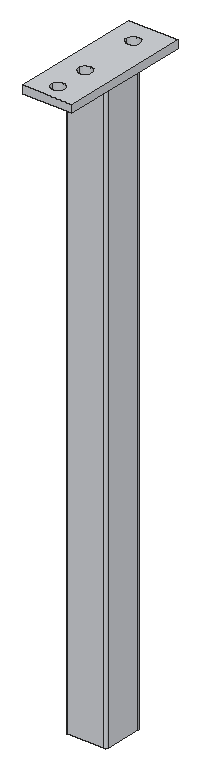
Revit family "MP524", category Generic Models, Revit 2017
Family settings
  Can host rebar = No
  Round Connector Dimension = Use Diameter
  Part Type = Normal
  Work Plane-Based = Yes
  Always vertical = No
  Cut with Voids When Loaded = No
  Shared = No
  Room Calculation Point = No
Parameters (values of type "NBS Standard Parameters")
  Weight = "2.03Kg"
  WarrantyStartDate [instance] = "1900-12-31T23:59:59"
  WarrantyGuarantorParts = "n/a"
  WarrantyGuarantorLabor = "n/a"
  WarrantyDurationUnit = "1 Year"
  WarrantyDurationParts = "n/a"
  WarrantyDurationLabor = "n/a"
  WarrantyDescription = "n/a"
  Version = "1"
  Uniclass2 = "Pr_65_70_11_65"
  TagNumber [instance] = "n/a"
  SustainabilityPerformance = "n/a"
  Size = "600"
  Shape = "n/a"
  SerialNumber [instance] = "n/a"
  Revision = "n/a"
  ReplacementCost = "n/a"
  ProductInformation = "www.metpro.co.uk/pdf/mp524.pdf"
  NominalWidth = 49.5 mm
  NominalLength = 600 mm
  NominalHeight = 130 mm
  Name = ""
  NBSTypeID = ""
  NBSReference = "90-55-10/305"
  NBSOfficeMasterTag = ""
  NBSNote = ""
  NBSDescription = "Channel Cable Supports"
  NBSCertification = ""
  ModelReference = "MP524"
  ModelNumber = "n/a"
  Material = "Steel"
  ManufacturerURL = "www.metpro.co.uk"
  ManufacturerName = "Metpro Ltd"
  Keynote = "Compliant to LU Standard 1-085"
  InstallationDate [instance] = "1900-12-31T23:59:59"
  IfcExportType = ""
  IfcExportAs = ""
  Grade = "n/a"
  Finish = "Hot Dipped Galvanised"
  Features = "n/a"
  ExpectedLife = "n/a"
  DurationUnit = "year"
  Description = "MP524  600mm Channel Cantilever Arm - 2 Hole Base Plate"
  Default Elevation = 1219.2 mm
  Constituents = "n/a"
  Color = "n/a"
  CodePerformance = "n/a"
  Category = "n/a"
  BarCode [instance] = "n/a"
  BIMObjectName = "metpro_metprolibrary_channelcablesupports_cantileverarm_2holeplate"
  Author = "Metpro Ltd"
  AssetType = ""
  AssetIdentifier [instance] = "n/a"
  AccessibilityPerformance = "n/a"
Reference planes
  plane 1 "Center (Front/Back)": y = 0
  plane 2: z = 0
  plane 3 "Center (Left/Right)": x = 0
Forms (mm)
  Extrusion 1, solid
    sketch origin (27.148, -9.382, 0) x (1, 0, 0) y (0, 1, 0)
      loop
        line (-19.975, 37.037) -> (-15.975, 37.037) -> (-15.975, 31.537) -> (-13.475, 31.537) -> (-13.475, 38.244)
        arc (-13.475, 38.244) -> (-13.854, 39.158) -> (-14.769, 39.537) r 1.293
        line (-14.769, 39.537) -> (-20.452, 39.537)
        arc (-20.452, 39.537) -> (-21.883, 38.944) -> (-22.475, 37.514) r 2.023
        line (-22.475, 37.514) -> (-22.475, 0.077)
        arc (-22.475, 0.077) -> (-21.732, -1.719) -> (-19.936, -2.463) r 2.54
        line (-19.936, -2.463) -> (16.996, -2.463)
        arc (16.996, -2.463) -> (18.784, -1.722) -> (19.525, 0.066) r 2.529
        line (19.525, 0.066) -> (19.525, 37.555)
        arc (19.525, 37.555) -> (18.944, 38.957) -> (17.543, 39.537) r 1.982
        line (17.543, 39.537) -> (10.861, 39.537)
        arc (10.861, 39.537) -> (9.922, 39.148) -> (9.533, 38.209) r 1.328
        line (9.533, 38.209) -> (9.533, 31.537) -> (12.033, 31.537) -> (12.033, 37.037) -> (17.025, 37.037) -> (17.025, 2.321)
        arc (17.025, 2.321) -> (16.356, 0.706) -> (14.741, 0.037) r 2.284
        line (14.741, 0.037) -> (-17.616, 0.037)
        arc (-17.616, 0.037) -> (-19.284, 0.728) -> (-19.975, 2.396) r 2.359
        line (-19.975, 2.396) -> (-19.975, 37.037)
    from 0 to 600
  Extrusion 2, solid
    sketch origin (27.148, -9.382, 600) x (1, 0, 0) y (0, 1, 0)
      loop
        line (22.852, 83.718) -> (-27.148, 83.718) -> (-27.148, -50.337) -> (22.852, -50.337) -> (22.852, 83.718)
      loop
        circle (-3.574, -34.911) r 7
      loop
        circle (-3.167, -1.096) r 7
      loop
        circle (-3.167, 59.607) r 7
    from 0 to 8
Dimensions and locks
  aligned and locked: level to plane 2
